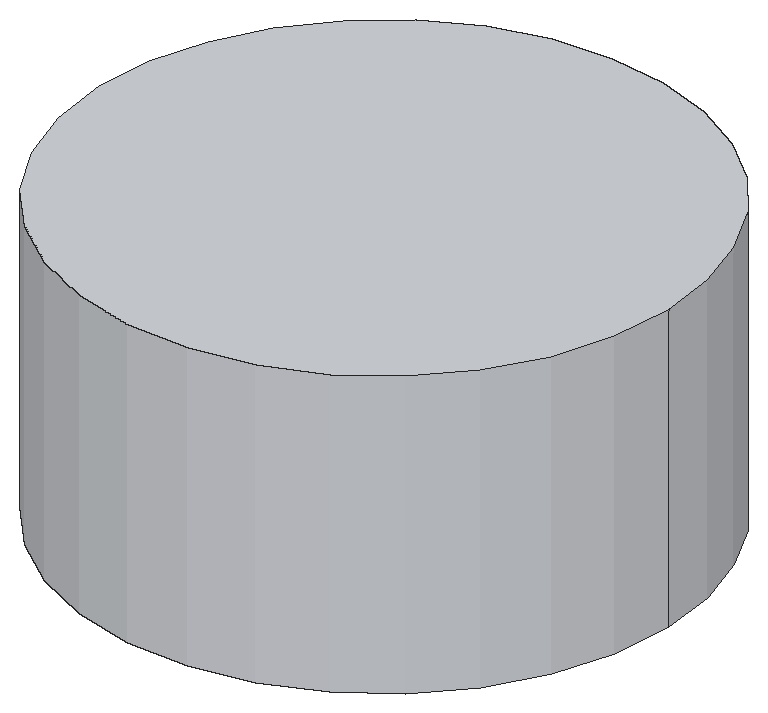
Revit family "10780800", category Specialty Equipment, Revit 2023
Family settings
  Round Connector Dimension = Use Diameter
  Part Type = Normal
  OmniClass Number = 23.40.00.00
  OmniClass Title = Equipment and Furnishings
  Work Plane-Based = No
  Enable Cutting in Views = Yes
  Always vertical = Yes
  Cut with Voids When Loaded = No
  Maintain Annotation Orientation = No
  Shared = No
  Room Calculation Point = No
Parameters (values of type "Standard")
  Default Elevation = 0 mm
Reference planes
  plane 1 "Center (Front/Back)": y = 0
  plane 2: z = 0
  plane 3 "Center (Left/Right)": x = 0
Forms (mm)
  Extrusion 1, solid
    sketch origin (175, 200, 108) x (1, 0, 0) y (0, 1, 0)
      loop
        circle (0, 0) r 3.048
    from 0 to -3.048
Dimensions and locks
  aligned and locked: level to plane 2
Connectors
  electrical at (175, 200, 108)
    settings: on Extrusion 1, index 1, voltage 230 V, apparent load 805 VA, apparent load phase1 0 VA, apparent load phase2 0 VA, apparent load phase3 0 VA, power factor 0, load classification "Other", number of poles 1, system type 30, power factor state 1, is connector primary yes, connector utility no, sub classification motor no, connector description "Strømart"
